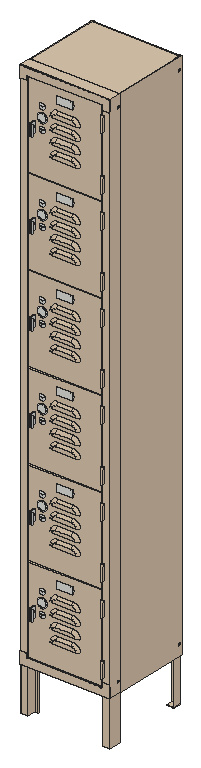
Revit family "Metal_Lockers-Salsbury_Industries-65000_66000_Series-1_Wide_Units", category Specialty Equipment, Revit 2016 (continued)
Definition of nested family "Metal Locker End Panel"
  Dimensions and locks (in)
    "Depth": plane 6 "Front of Panel" to plane 9 "Back of Panel"
    equal spacing: plane 8 "Left Side of Enclosure", plane 3 "Center (Left/Right)", plane 7 "Right Side of Enclosure"
    "Width": plane 8 "Left Side of Enclosure" to plane 7 "Right Side of Enclosure"
    equal spacing: plane 5 "Top of Panel", plane 10, plane 2
    "Height": plane 5 "Top of Panel" to plane 2
    locked: plane 5 "Top of Panel" to plane 11 at 1.717
    locked: plane 13 "Outside Edge of Front Flap" to plane 6 "Front of Panel" at 0.06014
    locked: plane 9 "Back of Panel" to plane 14 "Outside Edge of Back Flap" at 0.06
    aligned and locked: level to plane 2
    aligned and locked: plane 5 "Top of Panel" to Extrusion 1 sketch curve
    aligned and locked: plane 5 "Top of Panel" to Extrusion 2 sketch curve
    aligned and locked: Extrusion 2 to plane 9 "Back of Panel"
    aligned and locked: plane 11 to Extrusion 3 sketch curve
    aligned and locked: plane 6 "Front of Panel" to Extrusion 3
    aligned and locked: plane 14 "Outside Edge of Back Flap" to Extrusion 2
    aligned and locked: Extrusion 1 to plane 14 "Outside Edge of Back Flap"
    aligned and locked: plane 13 "Outside Edge of Front Flap" to Extrusion 3
    aligned and locked: Extrusion 2 to plane 7 "Right Side of Enclosure"
    aligned and locked: Extrusion 3 to plane 7 "Right Side of Enclosure"
  Automatic sketch dimensions
    Extrusion 1 sketch curve to level = 0.000"
    Extrusion 2 sketch curve to level = 0.000"
    plane 8 "Left Side of Enclosure" to Extrusion 2 sketch curve = 0.000"
    plane 7 "Right Side of Enclosure" to Extrusion 2 sketch curve = 0.000"
    plane 8 "Left Side of Enclosure" to Extrusion 3 sketch curve = 0.000"
    Extrusion 3 sketch curve to plane 12 = 0.000"
    plane 7 "Right Side of Enclosure" to Extrusion 3 sketch curve = 0.000"
    Extrusion 1 sketch curve to plane 14 "Outside Edge of Back Flap" = 0.000"
    plane 6 "Front of Panel" to Extrusion 1 sketch curve = 0.06014"
Definition of nested family "Metal Locker Front Filler"
  Parameters (values of type "77869 - for 6' H Lockers (Zee Base or No Legs)")
    Width = 9.000"
    Visible = yes
    Version = "1.0 (11/30/15)"
    Type Comments = "Vertical Front Filler for Standard Metal Lockers"
    Primary Structure Material = none
    Model = "77865"
    MasterFormat Title = ""
    MasterFormat Number = ""
    Manufacturer = "Salsbury Industries"
    Height = 72.000"
    Description = "9\" W Vertical Front Filler for 6' H Lockers"
    Depth = 1.500"
    Assembly Code = ""
  Types (9): name | Width | Visible | Model | Height | Description | Depth
    77865 - for 6' H Lockers with Legs | 15.000" | yes | "77865" | 78.000" | "15\" W Vertical Front Filler for 6' H Lockers" | 1.000"
    77869 - for 6' H Lockers with Legs | 9.000" | yes | "77865" | 78.000" | "9\" W Vertical Front Filler for 6' H Lockers" | 1.000"
    77855 - for 5' H Lockers with Legs | 15.000" | yes | "77855" | 66.000" | "15\" W Vertical Front Filler for 5' H Lockers" | 1.000"
    77859 - for 5' H Lockers with Legs | 9.000" | yes | "77859" | 66.000" | "9\" W Vertical Front Filler for 5' H Lockers" | 1.000"
    None | 15.000" | no | "n/a" | 78.000" | "" | 1.500"
    77865 - for 6' H Lockers (Zee Base or No Legs) | 15.000" | yes | "77865" | 72.000" | "15\" W Vertical Front Filler for 6' H Lockers" | 1.000"
    77869 - for 6' H Lockers (Zee Base or No Legs) | 9.000" | yes | "77865" | 72.000" | "9\" W Vertical Front Filler for 6' H Lockers" | 1.500"
    77859 - for 5' H Lockers (Zee Base or No Legs) | 9.000" | yes | "77859" | 60.000" | "9\" W Vertical Front Filler for 5' H Lockers" | 1.000"
    77855 - for 5' H Lockers (Zee Base or No Legs) | 15.000" | yes | "77855" | 60.000" | "15\" W Vertical Front Filler for 5' H Lockers" | 1.000"
  Reference planes (in)
    plane 1 "Center (Front/Back)": y = -2.167
    plane 2: z = 0
    plane 3 "Center (Left/Right)": x = -4.595
    plane 4 "Bottom of Filler": z = 0
    plane 5 "Top of Panel": z = 72
    plane 6 "Front of Filler": y = -2.917
    plane 7 "Right Side of Filler": x = -0.095
    plane 8 "Left Side of Filler": x = -9.095
    plane 9 "Back of Filler": y = -1.417
    plane 10: z = 36
  Forms (in)
    Extrusion 1, solid, material <- "Primary Structure Material", visible <- "Visible"
      sketch origin (0, 0, 0) x (0, -1, 0) y (1, 0, 0)
        loop
          line (1.417, -9.095) -> (2.917, -9.095) -> (2.917, -1.095) -> (2.869, -1.095) -> (2.869, -9.047) -> (1.417, -9.047) -> (1.417, -9.095)
      from 0 to 72
    Extrusion 2, solid, material <- "Primary Structure Material", visible <- "Visible"
      sketch origin (0, -0.20425, 0) x (0, -1, 0) y (1, 0, 0)
        loop
          line (1.30875, -0.095) -> (1.30875, -0.143) -> (2.76075, -0.143) -> (2.76075, -1.595) -> (2.80875, -1.595) -> (2.80875, -0.095) -> (1.30875, -0.095)
      from 0 to 72
    Extrusion 3, solid, material <- "Primary Structure Material", visible <- "Visible"
      sketch origin (0, 0.10825, 0) x (0, -1, 0) y (1, 0, 0)
        loop
          line (3.07325, -1.595) -> (3.07325, -0.82524) -> (3.02525, -0.82524) -> (3.02525, -1.376) -> (3.02525, -1.449) -> (3.02525, -1.522) -> (3.02525, -1.595) -> (3.07325, -1.595)
      from 0 to 72
    Extrusion 4, solid, material <- "Primary Structure Material", visible <- "Visible"
      sketch origin (0, 0, 0) x (0, -1, 0) y (1, 0, 0)
        loop
          line (2.917, -0.82524) -> (2.821, -0.82524) -> (2.821, -1.80024) -> (2.869, -1.80024) -> (2.869, -0.87324) -> (2.917, -0.87324) -> (2.917, -0.82524)
      from 0 to 72
  Dimensions and locks (in)
    equal spacing: plane 6 "Front of Filler", plane 1 "Center (Front/Back)", plane 9 "Back of Filler"
    "Depth": plane 6 "Front of Filler" to plane 9 "Back of Filler"
    equal spacing: plane 8 "Left Side of Filler", plane 3 "Center (Left/Right)", plane 7 "Right Side of Filler"
    "Width": plane 8 "Left Side of Filler" to plane 7 "Right Side of Filler"
    equal spacing: plane 5 "Top of Panel", plane 10, plane 2
    "Height": plane 5 "Top of Panel" to plane 2
    aligned and locked: level to plane 2
    aligned and locked: Extrusion 1 to plane 5 "Top of Panel"
    aligned and locked: Extrusion 2 to plane 5 "Top of Panel"
    aligned and locked: Extrusion 3 to plane 5 "Top of Panel"
    aligned and locked: Extrusion 4 to plane 5 "Top of Panel"
  Automatic sketch dimensions
    plane 9 "Back of Filler" to Extrusion 1 sketch curve = 0.000"
    plane 6 "Front of Filler" to Extrusion 1 sketch curve = 0.000"
    Extrusion 1 sketch curve to plane 8 "Left Side of Filler" = 0.000"
    Extrusion 1 sketch curve to plane 6 "Front of Filler" = 0.048"
    Extrusion 1 sketch curve to Extrusion 1 sketch curve = 0.048"
    plane 7 "Right Side of Filler" to Extrusion 1 sketch curve = 1.000"
    Extrusion 2 sketch curve to plane 7 "Right Side of Filler" = 0.000"
    plane 7 "Right Side of Filler" to Extrusion 2 sketch curve = 0.048"
    plane 9 "Back of Filler" to Extrusion 2 sketch curve = 0.096"
    plane 6 "Front of Filler" to Extrusion 2 sketch curve = 0.048"
    Extrusion 2 sketch curve to Extrusion 2 sketch curve = 0.048"
    Extrusion 2 sketch curve to Extrusion 2 sketch curve = 1.452"
    plane 6 "Front of Filler" to Extrusion 3 sketch curve = 0.000"
    plane 7 "Right Side of Filler" to Extrusion 3 sketch curve = 1.500"
    Extrusion 3 sketch curve to Extrusion 3 sketch curve = 0.073"  (x3)
    Extrusion 3 sketch curve to Extrusion 3 sketch curve = 0.55076"
    Extrusion 3 sketch curve to Extrusion 3 sketch curve = 0.048"
    plane 6 "Front of Filler" to Extrusion 4 sketch curve = 0.000"
    Extrusion 4 sketch curve to plane 6 "Front of Filler" = 0.048"
    Extrusion 4 sketch curve to Extrusion 4 sketch curve = 0.048"  (x2)
    plane 7 "Right Side of Filler" to Extrusion 4 sketch curve = 1.70524"
    plane 7 "Right Side of Filler" to Extrusion 4 sketch curve = 0.77824"
Definition of nested family "Metal Locker Flat Top Filler"
  Parameters (values of type "77842 - for 12" Deep Lockers (15" W)")
    Width = 16.250"
    Visible = yes
    Version = "1.0 (11/30/15)"
    Type Comments = "Flat Top Filler for Standard Metal Lockers"
    Primary Structure Material = none
    Model = "77842"
    MasterFormat Title = ""
    MasterFormat Number = ""
    Manufacturer = "Salsbury Industries"
    Height = 1.003"
    Description = "15\"W Flat Top In-Line Filler"
    Depth = 12.118"
    Assembly Code = ""
  Types (7): name | Width | Visible | Model | Depth
    77842 - for 12" Deep Lockers (15" W) | 16.250" | yes | "77842" | 12.118"
    77842 - for 12" Deep Lockers (9" W) | 10.250" | yes | "77842" | 12.118"
    77845 - for 15" Deep Lockers (15" W) | 16.250" | yes | "77845" | 15.118"
    77845 - for 15" Deep Lockers (9" W) | 10.250" | yes | "77845" | 15.118"
    77848 - for 18" Deep Lockers (15" W) | 16.250" | yes | "77848" | 18.118"
    77848 - for 18" Deep Lockers (9" W) | 10.250" | yes | "77848" | 18.118"
    None | 16.250" | no | "" | 12.118"
  Reference planes (in)
    plane 1 "Center (Front/Back)": y = -2.167
    plane 2: z = 0
    plane 3 "Center (Left/Right)": x = -4.595
    plane 4 "Bottom of Panel": z = 0
    plane 5 "Top of Panel": z = 1.003
    plane 6 "Front of Panel": y = -8.226
    plane 7 "Right Side of Enclosure": x = 3.53
    plane 8 "Left Side of Enclosure": x = -12.72
    plane 9 "Back of Panel": y = 3.892
    plane 10: z = 0.5015
  Forms (in)
    Extrusion 1, solid, material <- "Primary Structure Material", visible <- "Visible"
      sketch origin (-4.595, 0, 0) x (0, 1, 0) y (0, 0, 1)
        loop
          line (-8.226, 0) -> (-8.178, 0) -> (-8.178, 0.955) -> (3.892, 0.955) -> (3.892, 1.003) -> (-8.226, 1.003) -> (-8.226, 0)
      from -8.125 to 8.125
  Dimensions and locks (in)
    equal spacing: plane 6 "Front of Panel", plane 1 "Center (Front/Back)", plane 9 "Back of Panel"
    "Depth": plane 6 "Front of Panel" to plane 9 "Back of Panel"
    equal spacing: plane 8 "Left Side of Enclosure", plane 3 "Center (Left/Right)", plane 7 "Right Side of Enclosure"
    "Width": plane 8 "Left Side of Enclosure" to plane 7 "Right Side of Enclosure"
    equal spacing: plane 5 "Top of Panel", plane 10, plane 2
    "Height": plane 5 "Top of Panel" to plane 2
    aligned and locked: level to plane 2
    aligned and locked: Extrusion 1 to plane 7 "Right Side of Enclosure"
    aligned and locked: plane 8 "Left Side of Enclosure" to Extrusion 1
    aligned and locked: plane 6 "Front of Panel" to Extrusion 1
    aligned and locked: Extrusion 1 to plane 9 "Back of Panel"
  Automatic sketch dimensions
    plane 5 "Top of Panel" to Extrusion 1 sketch curve = 0.000"
    Extrusion 1 sketch curve to plane 6 "Front of Panel" = 0.000"
    Extrusion 1 sketch curve to level = 0.000"
    Extrusion 1 sketch curve to plane 9 "Back of Panel" = 0.000"
    Extrusion 1 sketch curve to plane 6 "Front of Panel" = 0.048"
    plane 5 "Top of Panel" to Extrusion 1 sketch curve = 0.048"
Definition of nested family "Metal Locker Flat Corner Filler"
  Parameters (values of type "77832 - for 12" Deep Lockers")
    Width = 12.625"
    Visible = yes
    Version = "1.0 (11/30/15)"
    Type Comments = "Flat Top Corner Filler for Standard Metal Lockers"
    Primary Structure Material = none
    Model = "77832"
    MasterFormat Title = ""
    MasterFormat Number = ""
    Manufacturer = "Salsbury Industries"
    Height = 0.048"
    Description = "12\"W Flat Top Corner Filler"
    Depth = 12.625"
    Assembly Code = ""
  Types (4): name | Width | Visible | Model | Description | Depth
    77832 - for 12" Deep Lockers | 12.625" | yes | "77832" | "12\"W Flat Top Corner Filler" | 12.625"
    77835 - for 15" Deep Lockers | 15.625" | yes | "77835" | "15\"W Flat Top Corner Filler" | 15.625"
    77838 - for 18" Deep Lockers | 18.625" | yes | "77838" | "18\"W Flat Top Corner Filler" | 18.625"
    None | 12.625" | no | "" | "" | 12.625"
  Reference planes (in)
    plane 1 "Center (Front/Back)": y = -2.167
    plane 2: z = 0
    plane 3 "Center (Left/Right)": x = -4.595
    plane 4 "Bottom of Panel": z = 0
    plane 5 "Top of Panel": z = 0.048
    plane 6 "Front of Panel": y = -8.4795
    plane 7 "Right Side of Enclosure": x = 1.7175
    plane 8 "Left Side of Enclosure": x = -10.9075
    plane 9 "Back of Panel": y = 4.1455
    plane 10: z = 0.024
  Forms (in)
    Extrusion 1, solid, material <- "Primary Structure Material", visible <- "Visible"
      sketch origin (0, 0, 0) x (0, -1, 0) y (1, 0, 0)
        loop
          line (7.8545, -10.9075) -> (7.8545, -10.2825) -> (8.4795, -10.2825) -> (8.4795, 1.7175) -> (-4.1455, 1.7175) -> (-4.1455, -10.9075) -> (7.8545, -10.9075)
      from 0 to 0.048
  Dimensions and locks (in)
    equal spacing: plane 6 "Front of Panel", plane 1 "Center (Front/Back)", plane 9 "Back of Panel"
    "Depth": plane 6 "Front of Panel" to plane 9 "Back of Panel"
    equal spacing: plane 8 "Left Side of Enclosure", plane 3 "Center (Left/Right)", plane 7 "Right Side of Enclosure"
    "Width": plane 8 "Left Side of Enclosure" to plane 7 "Right Side of Enclosure"
    equal spacing: plane 5 "Top of Panel", plane 10, plane 2
    "Height": plane 5 "Top of Panel" to plane 2
    aligned and locked: level to plane 2
    aligned and locked: Extrusion 1 to plane 9 "Back of Panel"
    aligned and locked: plane 6 "Front of Panel" to Extrusion 1
    aligned and locked: Extrusion 1 to plane 7 "Right Side of Enclosure"
    aligned and locked: plane 8 "Left Side of Enclosure" to Extrusion 1
  Automatic sketch dimensions
    Extrusion 1 sketch curve to plane 8 "Left Side of Enclosure" = 0.000"
    plane 9 "Back of Panel" to Extrusion 1 sketch curve = 0.000"
    plane 6 "Front of Panel" to Extrusion 1 sketch curve = 0.000"
    Extrusion 1 sketch curve to plane 7 "Right Side of Enclosure" = 0.000"
    Extrusion 1 sketch curve to plane 8 "Left Side of Enclosure" = 0.625"
    Extrusion 1 sketch curve to plane 6 "Front of Panel" = 0.625"
Definition of nested family "Metal Locker Sloping Hood"
  Parameters (values of type "77752 - for 12" Deep Lockers (1 Wide)")
    Width = 12.040"
    Visible = yes
    Version = "1.0 (11/30/15)"
    Type Comments = "Sloping Hood for Standard Metal Lockers"
    Slope Angle = 28.761°
    Primary Structure Material = none
    Model = "77752"
    MasterFormat Title = ""
    MasterFormat Number = ""
    Manufacturer = "Salsbury Industries"
    Height = 6.625"
    Dividing Lines = no
    Description = "12\" Deep for up to (3) 12\" Wide Lockers"
    Depth = 12.070"
    Assembly Code = ""
  Types (12): name | Width | Visible | Slope Angle | Model | Height | Dividing Lines | Description | Depth
    77752 - for 12" Deep Lockers (1 Wide) | 12.040" | yes | 28.761° | "77752" | 6.625" | no | "12\" Deep for up to (3) 12\" Wide Lockers" | 12.070"
    77752 - for 12" Deep Lockers (3 Wide) | 36.040" | yes | 28.761° | "77752" | 6.625" | yes | "12\" Deep for up to (3) 12\" Wide Lockers" | 12.070"
    77755 - for 15" Deep Lockers (1 Wide) | 12.040" | yes | 29.946° | "77755" | 8.682" | no | "15\" Deep for up to (3) 12\" Wide Lockers" | 15.070"
    77755 - for 15" Deep Lockers (3 Wide) | 36.040" | yes | 29.946° | "77755" | 8.628" | yes | "15\" Deep for up to (3) 12\" Wide Lockers" | 15.070"
    77758 - for 18" Deep Lockers (1 Wide) | 12.040" | yes | 30.723° | "77758" | 10.739" | no | "18\" Deep for up to (3) 12\" Wide Lockers" | 18.070"
    77758 - for 18" Deep Lockers (3 Wide) | 36.040" | yes | 30.723° | "77758" | 10.739" | yes | "18\" Deep for up to (3) 12\" Wide Lockers" | 18.070"
    None | 12.000" | no | 28.761° | "" | 6.625" | no | "" | 12.070"
    77765 - for 15" Deep Lockers (1 Wide) | 15.040" | yes | 29.946° | "77752" | 6.625" | no | "12\" Deep for up to (3) 12\" Wide Lockers" | 15.070"
    77768 - for 18" Deep Lockers (1 Wide) | 15.040" | yes | 30.723° | "77752" | 6.625" | no | "12\" Deep for up to (3) 12\" Wide Lockers" | 18.070"
    77765 - for 15" Deep Lockers (3 Wide) | 45.040" | yes | 29.946° | "77752" | 6.625" | yes | "12\" Deep for up to (3) 12\" Wide Lockers" | 15.070"
    77768 - for 18" Deep Lockers (3 Wide) | 45.040" | yes | 30.723° | "77752" | 6.625" | yes | "12\" Deep for up to (3) 12\" Wide Lockers" | 18.070"
    77759 - for 18" Deep Bridge Lockers | 72.040" | yes | 30.723° | "77752" | 6.625" | no | "12\" Deep for up to (3) 12\" Wide Lockers" | 18.070"
  Reference planes (in)
    plane 1 "Center (Front/Back)": y = -2.167
    plane 2: z = 0
    plane 3 "Center (Left/Right)": x = -4.595
    plane 4 "Bottom of Panel": z = 0
    plane 5 "Top of Panel": z = 6.625
    plane 6 "Front of Panel": y = -8.202
    plane 7 "Right Side of Enclosure": x = 1.425
    plane 8 "Left Side of Enclosure": x = -10.615
    plane 9 "Back of Panel": y = 3.868
    plane 10: z = 3.3125
    plane 11: through (0, -7.81601, 0.21186) normal (0, -0.4812, 0.8766)
    plane 12: through (0, -7.94397, 0.10626) normal (0, -0.4812, 0.8766)
    plane 13: y = 3.837
    plane 14: y = 3.806
    plane 15: y = 3.775
    plane 16: y = 3.37433
    plane 17 "Divider 1": x = -6.60167
    plane 18 "Divider 2": x = -2.58833
  Forms (in)
    Extrusion 1, solid, material <- "Primary Structure Material", visible <- "Visible"
      sketch origin (1.425, 0, 0) x (0, 0, -1) y (0, -1, 0)
        loop
          line (-6.62484, -3.868) -> (0, -3.868) -> (0, 8.202) -> (-6.62484, -3.868)
      from 0 to 0.031
    Extrusion 2, solid, material <- "Primary Structure Material", visible <- "Visible"
      sketch origin (1.425, 0, 0) x (0, 0, -1) y (0, -1, 0)
        loop
          line (0, -3.868) -> (0, -3.837) -> (-6.60783, -3.837) -> (-6.62484, -3.868) -> (0, -3.868)
      from 0.03098 to 0.40598
    Extrusion 3, solid, material <- "Primary Structure Material", visible <- "Visible"
      sketch origin (1.425, 0, 0) x (0, 0, -1) y (0, -1, 0)
        loop
          line (0, -3.837) -> (0, 8.13757) -> (-0.031, 8.08109) -> (-0.031, -3.837) -> (0, -3.837)
      from 0.031 to 0.80198
    Extrusion 4, solid, material <- "Primary Structure Material", visible <- "Visible"
      sketch origin (-10.615, 0, 0) x (0, 0, -1) y (0, -1, 0)
        loop
          line (-6.62484, -3.868) -> (0, -3.868) -> (0, 8.202) -> (-6.62484, -3.868)
      from 0 to -0.031
    Extrusion 5, solid, material <- "Primary Structure Material", visible <- "Visible"
      sketch origin (-10.615, 0, 0) x (0, 0, -1) y (0, -1, 0)
        loop
          line (0, -3.868) -> (0, -3.837) -> (-6.60783, -3.837) -> (-6.62484, -3.868) -> (0, -3.868)
      from -0.031 to -0.406
    Extrusion 6, solid, material <- "Primary Structure Material", visible <- "Visible"
      sketch origin (-10.615, 0, 0) x (0, 0, -1) y (0, -1, 0)
        loop
          line (0, -3.837) -> (0, 8.13757) -> (-0.031, 8.08109) -> (-0.031, -3.837) -> (0, -3.837)
      from -0.031 to -0.802
    Extrusion 7, solid, material <- "Primary Structure Material", visible <- "Visible"
      sketch origin (-4.595, 0, 0) x (0, 1, 0) y (0, 0, 1)
        loop
          line (3.837, 6.60783) -> (-8.202, 0) -> (-7.84238, 0) -> (-7.84238, 0.031) -> (-8.08109, 0.031) -> (3.806, 6.55545) -> (3.806, 6.21809) -> (3.837, 6.21809) -> (3.837, 6.60783)
      from -5.989 to 5.989
    Extrusion 8, solid, material <- "Primary Structure Material", visible <- "Visible"
      sketch origin (-4.595, -0.031, 0) x (0, 1, 0) y (0, 0, 1)
        loop
          line (3.837, 0.031) -> (3.837, 6.55545) -> (3.806, 6.53844) -> (3.806, 0.031) -> (3.837, 0.031)
      from -5.989 to 5.989
    Extrusion 9, solid, material <- "Primary Structure Material", visible <- "Visible"
      sketch origin (0, -0.031, 0) x (0, -1, 0) y (1, 0, 0)
        loop
          line (-3.806, -9.75653) -> (-3.40533, -9.75653) -> (-3.40533, 0.56919) -> (-3.806, 0.56919) -> (-3.806, -9.75653)
      from 0.031 to 0.06464
  Lines and regions (in)
    model lines, visible <- "Dividing Lines"
      curve 1: line (-6.60167, -8.21456, -0.0069) -> (-6.60167, 3.868, 6.62484)
      curve 2: line (-2.58833, -8.21456, -0.0069) -> (-2.58833, 3.868, 6.62484)
  Dimensions and locks (in)
    equal spacing: plane 6 "Front of Panel", plane 1 "Center (Front/Back)", plane 9 "Back of Panel"
    "Depth": plane 6 "Front of Panel" to plane 9 "Back of Panel"
    equal spacing: plane 8 "Left Side of Enclosure", plane 17 "Divider 1", plane 18 "Divider 2", plane 7 "Right Side of Enclosure"
    "Width": plane 8 "Left Side of Enclosure" to plane 7 "Right Side of Enclosure"
    equal spacing: plane 5 "Top of Panel", plane 10, plane 2
    "Height": plane 5 "Top of Panel" to plane 2
    locked: plane 11 to plane 12 at 0.031
    plane 16 to plane 15 to plane 14 to plane 13 to plane 9 "Back of Panel" = 0.40067", 0.031", 0.031", 0.031"
    equal spacing: plane 8 "Left Side of Enclosure", plane 3 "Center (Left/Right)", plane 7 "Right Side of Enclosure"
    "Slope Angle": angle plane 4 "Bottom of Panel" to plane 11
    aligned and locked: level to plane 2
    aligned and locked: Extrusion 1 to plane 9 "Back of Panel"
    aligned and locked: plane 4 "Bottom of Panel" to Extrusion 1
    aligned and locked: Extrusion 7 to Extrusion 1
    aligned and locked: Extrusion 7 to Extrusion 4
    aligned and locked: Extrusion 7 to Extrusion 8  (x2)
    aligned and locked: plane 11 to Extrusion 7 sketch curve
    aligned and locked: plane 12 to Extrusion 7 sketch curve
    aligned and locked: plane 12 to Extrusion 8 sketch curve
    aligned and locked: Extrusion 4 sketch curve to plane 11
    aligned and locked: Extrusion 1 sketch curve to plane 11
    aligned and locked: Extrusion 3 sketch curve to plane 12
    aligned and locked: Extrusion 6 sketch curve to plane 12
    aligned and locked: plane 13 to Extrusion 7
    aligned and locked: plane 14 to Extrusion 8
    aligned and locked: plane 15 to Extrusion 8
    aligned and locked: plane 16 to Extrusion 9
    aligned and locked: plane 13 to Extrusion 7 sketch curve
    aligned and locked: Extrusion 7 sketch curve to plane 14
    aligned and locked: plane 13 to Extrusion 2 sketch curve
    aligned and locked: plane 11 to Extrusion 2 sketch curve
    aligned and locked: plane 13 to Extrusion 5 sketch curve
    aligned and locked: plane 11 to Extrusion 5 sketch curve
    aligned and locked: curve 2 to plane 18 "Divider 2"
    aligned and locked: curve 1 to plane 17 "Divider 1"
  Automatic sketch dimensions
    Extrusion 7 sketch curve to level = 0.000"
    level to Extrusion 7 sketch curve = 0.031"
    Extrusion 7 sketch curve to Extrusion 7 sketch curve = 0.23871"
    Extrusion 7 sketch curve to Extrusion 7 sketch curve = 0.33736"
    Extrusion 1 sketch curve to plane 9 "Back of Panel" = 0.000"
    Extrusion 1 sketch curve to level = 0.000"
    Extrusion 2 sketch curve to plane 9 "Back of Panel" = 0.000"
    Extrusion 2 sketch curve to level = 0.000"
    Extrusion 3 sketch curve to plane 13 = 0.000"
    Extrusion 3 sketch curve to level = 0.000"
    level to Extrusion 3 sketch curve = 0.031"
    Extrusion 4 sketch curve to plane 9 "Back of Panel" = 0.000"
    Extrusion 4 sketch curve to level = 0.000"
    Extrusion 5 sketch curve to plane 9 "Back of Panel" = 0.000"
    Extrusion 5 sketch curve to level = 0.000"
    Extrusion 6 sketch curve to plane 13 = 0.000"
    Extrusion 6 sketch curve to level = 0.000"
    Extrusion 6 sketch curve to Extrusion 6 sketch curve = 0.031"
    Extrusion 8 sketch curve to plane 15 = 0.000"
    Extrusion 8 sketch curve to plane 14 = 0.000"
    level to Extrusion 8 sketch curve = 0.031"
    plane 15 to Extrusion 9 sketch curve = 0.000"
    plane 16 to Extrusion 9 sketch curve = 0.000"
    Extrusion 9 sketch curve to plane 8 "Left Side of Enclosure" = 0.85847"
    plane 7 "Right Side of Enclosure" to Extrusion 9 sketch curve = 0.85581"
    curve 1 to plane 9 "Back of Panel" = 0.000"
    plane 11 to curve 1 = 0.000"
    curve 1 to plane 11 = 0.000"
    curve 1 to level = 0.0069"
    curve 2 to plane 9 "Back of Panel" = 0.000"
    plane 11 to curve 2 = 0.000"
    curve 2 to plane 11 = 0.000"
    curve 2 to level = 0.0069"
Definition of nested family "Metal Locker Sloping Top Filler"
  Parameters (values of type "77882 - for 12" Deep Lockers (15" W)")
    Width = 16.250"
    Visible = yes
    Version = "1.0 (11/30/15)"
    Type Comments = "Sloping Hood In-Line Filler for Standard Metal Lockers"
    Slope Angle = 28.761°
    Primary Structure Material = none
    Model = "77882"
    MasterFormat Title = ""
    MasterFormat Number = ""
    Manufacturer = "Salsbury Industries"
    Height = 1.003"
    Description = "15\"W Sloping Hood In-Line Filler"
    Depth = 12.118"
    Assembly Code = ""
  Types (7): name | Width | Visible | Type Comments | Slope Angle | Model | Description | Depth
    77882 - for 12" Deep Lockers (15" W) | 16.250" | yes | "Sloping Hood In-Line Filler for Standard Metal Lockers" | 28.761° | "77882" | "15\"W Sloping Hood In-Line Filler" | 12.118"
    77882 - for 12" Deep Lockers (9" W) | 10.250" | yes | "Sloping Hood In-Line Filler for Standard Metal Lockers" | 28.761° | "77882" | "15\"W Sloping Hood In-Line Filler" | 12.118"
    77885 - for 15" Deep Lockers (15" W) | 16.250" | yes | "Sloping Hood In-Line Filler for Standard Metal Lockers" | 29.946° | "77885" | "15\"W Sloping Hood In-Line Filler" | 15.118"
    77885 - for 15" Deep Lockers (9" W) | 10.250" | yes | "Sloping Hood In-Line Filler for Standard Metal Lockers" | 29.946° | "77885" | "15\"W Sloping Hood In-Line Filler" | 15.118"
    77888 - for 18" Deep Lockers (15" W) | 16.250" | yes | "Sloping Hood In-Line Filler for Standard Metal Lockers" | 30.723° | "77888" | "15\"W Sloping Hood In-Line Filler" | 18.118"
    77888 - for 18" Deep Lockers (9" W) | 10.250" | yes | "Sloping Hood In-Line Filler for Standard Metal Lockers" | 30.723° | "77888" | "15\"W Sloping Hood In-Line Filler" | 18.118"
    None | 16.250" | no | "Sloping Hood for Standard Metal Lockers" | 28.761° | "" | "" | 12.118"
  Reference planes (in)
    plane 1 "Center (Front/Back)": y = -2.167
    plane 2: z = 0
    plane 3 "Center (Left/Right)": x = -4.595
    plane 4 "Bottom of Panel": z = 0
    plane 5 "Top of Panel": z = 1.003
    plane 6 "Front of Panel": y = -8.226
    plane 7 "Right Side of Enclosure": x = 3.53
    plane 8 "Left Side of Enclosure": x = -12.72
    plane 9 "Back of Panel": y = 3.892
    plane 10: z = 0.5015
    plane 11: through (0, -7.6072, 0.33964) normal (0, -0.4812, 0.8766)
    plane 12: through (0, -7.72698, 0.21914) normal (0, -0.4812, 0.8766)
  Forms (in)
    Extrusion 1, solid, material <- "Primary Structure Material", visible <- "Visible"
      sketch origin (-4.595, 0, 0) x (0, 1, 0) y (0, 0, 1)
        loop
          line (3.892, 6.65119) -> (-8.226, 0) -> (-8.226, -1.028) -> (-8.178, -1.028) -> (-8.178, -0.02841) -> (3.892, 6.59643) -> (3.892, 6.65119)
      from -8.125 to 8.125
  Dimensions and locks (in)
    equal spacing: plane 6 "Front of Panel", plane 1 "Center (Front/Back)", plane 9 "Back of Panel"
    "Depth": plane 6 "Front of Panel" to plane 9 "Back of Panel"
    equal spacing: plane 8 "Left Side of Enclosure", plane 3 "Center (Left/Right)", plane 7 "Right Side of Enclosure"
    "Width": plane 8 "Left Side of Enclosure" to plane 7 "Right Side of Enclosure"
    equal spacing: plane 5 "Top of Panel", plane 10, plane 2
    "Height": plane 5 "Top of Panel" to plane 2
    locked: plane 11 to plane 12 at 0.048
    "Slope Angle": angle plane 4 "Bottom of Panel" to plane 11
    aligned and locked: level to plane 2
    aligned and locked: plane 11 to Extrusion 1 sketch curve
    aligned and locked: plane 12 to Extrusion 1 sketch curve
    aligned and locked: Extrusion 1 to plane 7 "Right Side of Enclosure"
    aligned and locked: plane 8 "Left Side of Enclosure" to Extrusion 1
  Automatic sketch dimensions
    Extrusion 1 sketch curve to plane 6 "Front of Panel" = 0.000"
    Extrusion 1 sketch curve to Extrusion 1 sketch curve = 0.99959"
    Extrusion 1 sketch curve to level = 0.02841"
    Extrusion 1 sketch curve to plane 9 "Back of Panel" = 0.000"
Definition of nested family "Metal Locker Sloping Corner Filler"
  Parameters (values of type "77872 - for 12" Deep Lockers")
    Width = 12.695"
    Visible = yes
    Version = "1.0 (11/30/15)"
    Type Comments = "Sloping Hood Corner Filler for Standard Metal Lockers"
    Slope Angle 2 = 28.761°
    Slope Angle 1 = 28.761°
    Primary Structure Material = none
    Model = "77872"
    MasterFormat Title = ""
    MasterFormat Number = ""
    Manufacturer = "Salsbury Industries"
    Height = 6.87897"
    Description = "12\"D Sloping Hood Corner Filler"
    Depth = 12.695"
    Assembly Code = ""
  Types (4): name | Width | Visible | Slope Angle 2 | Slope Angle 1 | Model | Description | Depth
    77872 - for 12" Deep Lockers | 12.695" | yes | 28.761° | 28.761° | "77872" | "12\"D Sloping Hood Corner Filler" | 12.695"
    77875 - for 15" Deep Lockers | 15.695" | yes | 29.946° | 29.946° | "77875" | "15\"D Sloping Hood Corner Filler" | 15.695"
    77878 - for 18" Deep Lockers | 18.695" | yes | 30.723° | 30.723° | "77878" | "18\"D Sloping Hood Corner Filler" | 18.695"
    None | 12.695" | no | 28.723° | 28.723° | "" | "" | 12.695"
  Reference planes (in)
    plane 1 "Center (Front/Back)": y = -2.167
    plane 2: z = 0
    plane 3 "Center (Left/Right)": x = -4.595
    plane 4 "Bottom of Panel": z = 0
    plane 5 "Top of Panel": z = 6.87897
    plane 6 "Front of Panel": y = -8.5145
    plane 7 "Right Side of Enclosure": x = 1.7525
    plane 8 "Left Side of Enclosure": x = -10.9425
    plane 9 "Back of Panel": y = 4.1805
    plane 10 "Center Top/Bottom": z = 3.43948
    plane 11 "Slope 1": through (0, -7.42276, 0.59922) normal (0, -0.4812, 0.8766)
    plane 12: through (0, -7.54254, 0.47872) normal (0, -0.4812, 0.8766)
    plane 13 "Diagonal Plane": through (-10.86131, 4.09969, 48) normal (0.7071, 0.7071, 0)
    plane 14 "Cutout Plane 1": y = -7.8895
    plane 15 "Cutout Plane 2": x = 1.1275
    plane 16 "Slope 2": through (1.43902, -180, 0.17206) normal (-0.4812, 0, -0.8766)
    plane 17: through (5.04554, -180, -1.86199) normal (-0.4812, 0, -0.8766)
  Forms (in)
    Extrusion 1, solid, material <- "Primary Structure Material", visible <- "Visible"
      sketch origin (-4.595, 0, 0) x (0, 1, 0) y (0, 0, 1)
        loop
          line (-7.8895, 0.28829) -> (4.1805, 6.91313) -> (4.1805, 6.96789) -> (-7.8895, 0.34304) -> (-7.8895, 0.28829)
      from -6.3475 to 6.3475
    Extrusion 2, void
      sketch origin (0, 0, 3.43948) x (1, 0, 0) y (0, 1, 0)
        loop
          line (1.75288, -8.5145) -> (-10.9425, 4.18088) -> (-10.9425, -8.5145) -> (1.75288, -8.5145)
      from -3.43948 to 8.2673
    Extrusion 3, solid, material <- "Primary Structure Material", visible <- "Visible"
      sketch origin (0, -2.167, 0) x (1, 0, 0) y (0, 0, 1)
        loop
          line (1.1275, 0.2885) -> (1.1275, 0.34304) -> (-10.9425, 6.96789) -> (-10.9425, 6.91334) -> (1.1275, 0.2885)
      from -6.3475 to 6.3475
    Extrusion 4, void
      sketch origin (-4.595, 0, 0) x (0, 1, 0) y (0, 0, 1)
        loop
          line (4.1805, 0) -> (4.1805, 6.91313) -> (-8.41474, 0) -> (4.1805, 0)
      from -6.3475 to 6.3475
    Extrusion 5, solid, not visible
      sketch origin (1.1275, 0, 0) x (0, -1, 0) y (0, 0, 1)
        loop
          line (8.60982, 0.2885) -> (7.8895, 0.2885) -> (7.8895, 0) -> (8.60982, 0) -> (8.60982, 0.2885)
      from -0.72026 to 0
  Cuts and joins
    Extrusion 2, Extrusion 4 cuts Extrusion 1
    Extrusion 4 cuts Extrusion 3
  Dimensions and locks (in)
    equal spacing: plane 6 "Front of Panel", plane 1 "Center (Front/Back)", plane 9 "Back of Panel"
    "Depth": plane 6 "Front of Panel" to plane 9 "Back of Panel"
    equal spacing: plane 8 "Left Side of Enclosure", plane 3 "Center (Left/Right)", plane 7 "Right Side of Enclosure"
    "Width": plane 8 "Left Side of Enclosure" to plane 7 "Right Side of Enclosure"
    equal spacing: plane 5 "Top of Panel", plane 10 "Center Top/Bottom", plane 2
    "Height": plane 5 "Top of Panel" to plane 2
    locked: plane 11 "Slope 1" to plane 12 at 0.048
    locked: plane 15 "Cutout Plane 2" to plane 7 "Right Side of Enclosure" at 0.625
    locked: plane 6 "Front of Panel" to plane 14 "Cutout Plane 1" at 0.625
    locked: plane 17 to plane 16 "Slope 2" at 0.04782
    "Slope Angle 1": angle plane 4 "Bottom of Panel" to plane 11 "Slope 1"
    "Slope Angle 2": angle plane 16 "Slope 2" to plane 4 "Bottom of Panel"
    aligned and locked: level to plane 2
    aligned and locked: Extrusion 1 sketch curve to plane 14 "Cutout Plane 1"
    aligned and locked: plane 9 "Back of Panel" to Extrusion 1 sketch curve
    aligned and locked: Extrusion 1 sketch curve to plane 11 "Slope 1"
    aligned and locked: plane 12 to Extrusion 1 sketch curve
    aligned and locked: plane 8 "Left Side of Enclosure" to Extrusion 1
    aligned and locked: Extrusion 1 to plane 7 "Right Side of Enclosure"
    aligned and locked: plane 6 "Front of Panel" to Extrusion 2 sketch curve
    aligned and locked: plane 8 "Left Side of Enclosure" to Extrusion 2 sketch curve
    aligned and locked: plane 13 "Diagonal Plane" to Extrusion 2 sketch curve
    aligned and locked: plane 4 "Bottom of Panel" to cut or joined group of Extrusion 1, Extrusion 2, Extrusion 4
    aligned and locked: Extrusion 4 sketch curve to level
    aligned and locked: Extrusion 4 sketch curve to plane 9 "Back of Panel"
    aligned and locked: plane 12 to Extrusion 4 sketch curve
    aligned and locked: Extrusion 4 to plane 7 "Right Side of Enclosure"
    aligned and locked: plane 8 "Left Side of Enclosure" to Extrusion 4
    aligned and locked: cut or joined group of Extrusion 3, Extrusion 4 to plane 15 "Cutout Plane 2"
    aligned and locked: plane 6 "Front of Panel" to cut or joined group of Extrusion 3, Extrusion 4
    aligned and locked: cut or joined group of Extrusion 3, Extrusion 4 to plane 9 "Back of Panel"
    aligned and locked: Extrusion 3 sketch curve to plane 15 "Cutout Plane 2"
    aligned and locked: Extrusion 3 sketch curve to plane 16 "Slope 2"
    aligned and locked: plane 8 "Left Side of Enclosure" to Extrusion 3 sketch curve
    aligned and locked: plane 17 to Extrusion 3 sketch curve
  Automatic sketch dimensions
    Extrusion 5 sketch curve to plane 14 "Cutout Plane 1" = 0.000"
    Extrusion 5 sketch curve to level = 0.000"
    plane 6 "Front of Panel" to Extrusion 5 sketch curve = 0.09532"
    Extrusion 5 sketch curve to Extrusion 5 sketch curve = 0.2885"
Types (19): name | Zee Base | Unit Height including Sloping Hood Only | Unit Height | Type Comments | Total Door(s) Height | Top Door | Top Compartment Divider | Sloping Hood Height | Unit Height including Base Only | Overall Unit Height (including Base and Sloping Hood) | Model | Individual Door Height | Door Location D1 | Description | Depth | Compartment Divider Height | Base Height | Standard Leg Base
  (no name) | Metal Locker Zee Base : None | 78.625" | 72.000" | "Standard Metal Locker - Six Tier" | 69.81949" | yes | yes | 6.625" | 78.000" | 84.625" | "66162" | 11.534" | Metal Locker Doors-12 inch with Latch Hasps : Six Tier Door - 6 foot | "1 Wide - 6 Feet High - 12 Inches Deep" | 12.010" | 11.159" | 6.000" | Metal Locker Legs : 6" High - 12" W x 12" D
  66162 - with Standard 6" High Legs | Metal Locker Zee Base : None | 78.625" | 72.000" | "Standard Metal Locker - Six Tier" | 69.81949" | yes | yes | 6.625" | 78.000" | 84.625" | "66162" | 11.534" | Metal Locker Doors-12 inch with Latch Hasps : Six Tier Door - 6 foot | "1 Wide - 6 Feet High - 12 Inches Deep" | 12.010" | 11.159" | 6.000" | Metal Locker Legs : 6" High - 12" W x 12" D
  66165 - with Standard 6" High Legs | Metal Locker Zee Base : None | 80.682" | 72.000" | "Standard Metal Locker - Six Tier" | 69.81949" | yes | yes | 8.682" | 78.000" | 86.682" | "66165" | 11.534" | Metal Locker Doors-12 inch with Latch Hasps : Six Tier Door - 6 foot | "1 Wide - 6 Feet High - 15 Inches Deep" | 15.010" | 11.159" | 6.000" | Metal Locker Legs : 6" High - 12" W x 15" D
  66168 - with Standard 6" High Legs | Metal Locker Zee Base : None | 82.739" | 72.000" | "Standard Metal Locker - Six Tier" | 69.81949" | yes | yes | 10.739" | 78.000" | 88.739" | "66168" | 11.534" | Metal Locker Doors-12 inch with Latch Hasps : Six Tier Door - 6 foot | "1 Wide - 6 Feet High - 18 Inches Deep" | 18.010" | 11.159" | 6.000" | Metal Locker Legs : 6" High - 12"W x 18"D
  66162 - with 77572 Zee Base and 77550 Lockers without Legs | Metal Locker Zee Base : 77572- 12" W x 12" D | 78.625" | 72.000" | "Standard Metal Locker - Six Tier" | 69.81949" | yes | yes | 6.625" | 76.000" | 82.625" | "66162 with 77572 and 77550" | 11.534" | Metal Locker Doors-12 inch with Latch Hasps : Six Tier Door - 6 foot | "1 Wide - 6 Feet High - 12 Inches Deep with Zee Base and Lockers without Legs" | 12.010" | 11.159" | 4.000" | Metal Locker Legs : No Legs
  66165 - with 77575 Zee Base and 77550 Lockers without Legs | Metal Locker Zee Base : 77575 - 12" W x 15" D | 80.682" | 72.000" | "Standard Metal Locker - Six Tier" | 69.81949" | yes | yes | 8.682" | 76.000" | 84.682" | "66165 with 77575 and 77550" | 11.534" | Metal Locker Doors-12 inch with Latch Hasps : Six Tier Door - 6 foot | "1 Wide - 6 Feet High - 15 Inches Deep with Zee Base and Lockers without Legs" | 15.010" | 11.159" | 4.000" | Metal Locker Legs : No Legs
  66168 - with 77578 Zee Base and 77550 Lockers without Legs | Metal Locker Zee Base : 77578 - 12"W x 18"D | 82.739" | 72.000" | "Standard Metal Locker - Six Tier" | 69.81949" | yes | yes | 10.739" | 76.000" | 86.739" | "66168 with 77578 and 77550" | 11.534" | Metal Locker Doors-12 inch with Latch Hasps : Six Tier Door - 6 foot | "1 Wide - 6 Feet High - 18 Inches Deep with Zee Base and Lockers without Legs" | 18.010" | 11.159" | 4.000" | Metal Locker Legs : No Legs
  66162 - with 77550 Lockers without Legs | Metal Locker Zee Base : None | 78.625" | 72.000" | "Standard Metal Locker - Six Tier" | 69.81949" | yes | yes | 6.625" | 72.000" | 78.625" | "66162 with 77550" | 11.534" | Metal Locker Doors-12 inch with Latch Hasps : Six Tier Door - 6 foot | "1 Wide - 6 Feet High - 12 Inches Deep with Lockers without Legs" | 12.010" | 11.159" | 0.000" | Metal Locker Legs : No Legs
  66165 - with 77550 Lockers without Legs | Metal Locker Zee Base : None | 80.682" | 72.000" | "Standard Metal Locker - Six Tier" | 69.81949" | yes | yes | 8.682" | 72.000" | 80.682" | "66165 with 77550" | 11.534" | Metal Locker Doors-12 inch with Latch Hasps : Six Tier Door - 6 foot | "1 Wide - 6 Feet High - 15 Inches Deep with Lockers without Legs" | 15.010" | 11.159" | 0.000" | Metal Locker Legs : No Legs
  66168 - with 77550 Lockers without Legs | Metal Locker Zee Base : None | 82.739" | 72.000" | "Standard Metal Locker - Six Tier" | 69.81949" | yes | yes | 10.739" | 72.000" | 82.739" | "66168 with 77550" | 11.534" | Metal Locker Doors-12 inch with Latch Hasps : Six Tier Door - 6 foot | "1 Wide - 6 Feet High - 18 Inches Deep with Lockers without Legs" | 18.010" | 11.159" | 0.000" | Metal Locker Legs : No Legs
  65152 - with Standard 6" High Legs | Metal Locker Zee Base : None | 66.625" | 60.000" | "Standard Metal Locker - Five Tier" | 57.81949" | no | no | 6.625" | 66.000" | 72.625" | "65152" | 11.463" | Metal Locker Doors-12 inch with Latch Hasps : Five Tier Door - 5 foot | "1 Wide - 5 Feet High - 12 Inches Deep" | 12.010" | 11.088" | 6.000" | Metal Locker Legs : 6" High - 12" W x 12" D
  65152 - with 77572 Zee Base and 77550 Lockers without Legs | Metal Locker Zee Base : 77572- 12" W x 12" D | 66.625" | 60.000" | "Standard Metal Locker - Five Tier" | 57.81949" | no | no | 6.625" | 64.000" | 70.625" | "65152 with 77572 and 77550" | 11.463" | Metal Locker Doors-12 inch with Latch Hasps : Five Tier Door - 5 foot | "1 Wide - 5 Feet High - 12 Inches Deep with Zee Base and Lockers without Legs" | 12.010" | 11.088" | 4.000" | Metal Locker Legs : No Legs
  65152 - with 77550 Lockers without Legs | Metal Locker Zee Base : None | 66.625" | 60.000" | "Standard Metal Locker - Five Tier" | 57.81949" | no | no | 6.625" | 60.000" | 66.625" | "65152 with 77550" | 11.463" | Metal Locker Doors-12 inch with Latch Hasps : Five Tier Door - 5 foot | "1 Wide - 5 Feet High - 12 Inches Deep with Lockers without Legs" | 12.010" | 11.088" | 0.000" | Metal Locker Legs : No Legs
  65155 - with Standard 6" High Legs | Metal Locker Zee Base : None | 68.682" | 60.000" | "Standard Metal Locker - Five Tier" | 57.81949" | no | no | 8.682" | 66.000" | 74.682" | "65155" | 11.463" | Metal Locker Doors-12 inch with Latch Hasps : Six Tier Door - 6 foot | "1 Wide - 5 Feet High - 15 Inches Deep" | 15.010" | 11.088" | 6.000" | Metal Locker Legs : 6" High - 12" W x 15" D
  65155 - with 77575 Zee Base and 77550 Lockers without Legs | Metal Locker Zee Base : 77575 - 12" W x 15" D | 68.682" | 60.000" | "Standard Metal Locker - Five Tier" | 57.81949" | no | no | 8.682" | 64.000" | 72.682" | "65155 with 77575 and 77550" | 11.463" | Metal Locker Doors-12 inch with Latch Hasps : Five Tier Door - 5 foot | "1 Wide - 5 Feet High - 15 Inches Deep with Zee Base and Lockers without Legs" | 15.010" | 11.088" | 4.000" | Metal Locker Legs : No Legs
  65155 - with 77550 Lockers without Legs | Metal Locker Zee Base : None | 68.682" | 60.000" | "Standard Metal Locker - Five Tier" | 57.81949" | no | no | 8.682" | 60.000" | 68.682" | "65165 with 77550" | 11.463" | Metal Locker Doors-12 inch with Latch Hasps : Five Tier Door - 5 foot | "1 Wide - 5 Feet High - 15 Inches Deep with Lockers without Legs" | 15.010" | 11.088" | 0.000" | Metal Locker Legs : No Legs
  65158 - with Standard 6" High Legs | Metal Locker Zee Base : None | 70.739" | 60.000" | "Standard Metal Locker - Five Tier" | 57.81949" | no | no | 10.739" | 66.000" | 76.739" | "65158" | 11.463" | Metal Locker Doors-12 inch with Latch Hasps : Five Tier Door - 5 foot | "1 Wide - 5 Feet High - 18 Inches Deep" | 18.010" | 11.088" | 6.000" | Metal Locker Legs : 6" High - 12"W x 18"D
  65158 - with 77578 Zee Base and 77550 Lockers without Legs | Metal Locker Zee Base : 77578 - 12"W x 18"D | 70.739" | 60.000" | "Standard Metal Locker - Five Tier" | 57.81949" | no | no | 10.739" | 64.000" | 74.739" | "65158 with 77578 and 77550" | 11.463" | Metal Locker Doors-12 inch with Latch Hasps : Five Tier Door - 5 foot | "1 Wide - 5 Feet High - 18 Inches Deep with Zee Base and Lockers without Legs" | 18.010" | 11.088" | 4.000" | Metal Locker Legs : No Legs
  65158 - with 77550 Lockers without Legs | Metal Locker Zee Base : None | 70.739" | 60.000" | "Standard Metal Locker - Five Tier" | 57.81949" | no | no | 10.739" | 60.000" | 70.739" | "65158 with 77550" | 11.463" | Metal Locker Doors-12 inch with Latch Hasps : Five Tier Door - 5 foot | "1 Wide - 5 Feet High - 18 Inches Deep with Lockers without Legs" | 18.010" | 11.088" | 0.000" | Metal Locker Legs : No Legs
